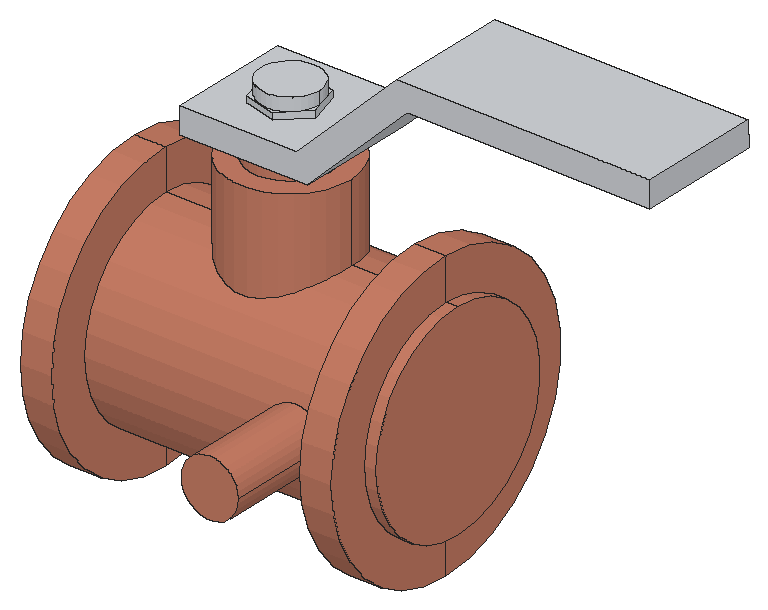
Revit family "Lab3_Test_Family", category Pipe Accessories, Revit 2015
Parameters (values of type "Ball Valve")
  Valve Material = none
  Type = ""
  TAP_LENGTH = 50 mm
  Specification = ""
  Product Line = ""
  Pressure Stage = 0
  Prefa text = ""
  L2 - Fa = L 2 - Fla  # 30.4 mm
  L 2 = 38 mm
  L 19 = 100 mm
  L 17 = if(TAP_LENGTH = 0 mm, D 1 * 0.75, TAP_LENGTH)  # 50 mm
  L 1 = 38 mm
  K Coefficient = 0.35
  Height Handle Tube = 1.75 * R1  # 43.75 mm
  Height Handle = H 2 - 3 mm  # 77 mm
  Hand rad = 15 mm
  H 2 = 80 mm
  Flange Diameter = R1 + 10 mm  # 35 mm
  Fla = 7.6 mm
  R1 = D 1 / 2  # 25 mm
  D 1 = 50 mm
  Assembly Code = ""
  Article Number = 0
  Adj Hei = H 2 / 2  # 40 mm
Reference planes
  plane 1 "Center (Front/Back)": y = 0
  plane 2: z = 0
  plane 3 "Center (Left/Right)": x = 0
  plane 4: x = 100
  plane 5: z = 80.644
  plane 6: y = -50
  plane 7: x = 15
  plane 8: x = -15
  plane 9: z = 43.75
  plane 10: x = -30.4
  plane 11: x = -38
  plane 12: x = 38
  plane 13: x = 30.4
  plane 14: z = -25
  plane 15: z = -35
  plane 16: x = 20.4
Forms (mm)
  Extrusion 1, solid, material "Valve"
    sketch origin (0, 0, 0) x (1, 0, 0) y (0, 1, 0)
      loop
        circle (0, 0) r 15
    from 0 to 43.75 <- "Height Handle Tube"
  Sweep 2, solid
    path origin (0, 0, -4.606) x (1, 0, 0) y (0, 0, 1)
      loop
        line (-15, 57.278) -> (15, 57.278) -> (39.328, 81.606) -> (100, 81.606)
    profile origin (0, 0, 52.672) x (0, 0, 1) y (0, -1, 0)
      loop
        line (3.144, -15) -> (3.144, 15) -> (-3.144, 15) -> (-3.144, -15) -> (3.144, -15)
  Extrusion 3, solid, material "Valve"
    sketch origin (0, 0, 0) x (1, 0, 0) y (0, 1, 0)
      loop
        circle (0, 0) r 10
    from 43.75 <- "Height Handle Tube" to 49.528
  Extrusion 4, solid, material "Valve"
    sketch origin (0, 0, 0) x (1, 0, 0) y (0, 0, 1)
      loop
        circle (20.4, 0) r 7
    from 0 to 50 <- "L 17"
  Extrusion 5, solid, material "Valve"
    sketch origin (38, -4572, 67.15) x (0, 0, 1) y (0, -1, 0)
      loop
        circle (-67.15, -4572) r 25
    from 0 to 3
  Extrusion 6, solid, material "Valve"
    sketch origin (-38, -4572, 67.15) x (0, 0, 1) y (0, -1, 0)
      loop
        circle (-67.15, -4572) r 25
    from 0 to -2
  Extrusion 7, solid
    sketch origin (0, 0, 0) x (1, 0, 0) y (0, 1, 0)
      loop
        line (-5.849, -5.849) -> (2.141, -7.99) -> (7.99, -2.141) -> (5.849, 5.849) -> (-2.141, 7.99) -> (-7.99, 2.141) -> (-5.849, -5.849)
    from 55.815 to 57.409
  Extrusion 8, solid
    sketch origin (0, 0, 0) x (1, 0, 0) y (0, 1, 0)
      loop
        circle (0, 0) r 7.164
    from 57.409 to 60.484
  Revolve 9, solid, material "Valve"
    sketch origin (0, 0, 0) x (1, 0, 0) y (0, 0, 1)
      loop
        line (-38, -35) -> (-30.4, -35) -> (-30.4, -25) -> (30.4, -25) -> (30.4, -35) -> (38, -35) -> (38, 0) -> (-38, 0) -> (-38, -35)
      axis (-38, 0) -> (38, 0)
    angle from 0 to 360
Cuts and joins
  joined: Extrusion 1, Extrusion 4
Dimensions and locks
  equal spacing: Sweep 2 sketch curve, plane 1 "Center (Front/Back)", Sweep 2 sketch curve
  equal spacing: Sweep 2 sketch curve, profile plane, Sweep 2 sketch curve
  "L 19": plane 4 to plane 3 "Center (Left/Right)"
  "Height Handle": Sweep 2 sketch curve to plane 2
  "L 17": plane 1 "Center (Front/Back)" to plane 6
  locked: Extrusion 7 to Sweep 2 at 1.594
  locked: Extrusion 8 to Extrusion 7 at 3.076
  Sweep 2 to plane 2 = 80.144 mm
  Sweep 2 to plane 3 "Center (Left/Right)" = 100 mm
  "Height Handle Tube": plane 9 to plane 2
  locked: Sweep 2 to plane 9 at 5.778
  equal spacing: Extrusion 7, Sweep 2 sketch curve, Extrusion 3
  locked: Extrusion 7 to Extrusion 3 at 6.287
  "Fla": plane 10 to plane 11
  "Fla": plane 12 to plane 13
  "L 1": plane 3 "Center (Left/Right)" to plane 11
  "L2 - Fa": plane 13 to plane 3 "Center (Left/Right)"
  "Flange Diameter": plane 2 to plane 15
  "R1": plane 2 to plane 14
  locked: plane 13 to plane 16 at 10
  "Hand rad": radius of Extrusion 1 sketch curve
  "R1": radius of Extrusion 5 sketch curve
  "R1": radius of Extrusion 6 sketch curve
  locked: Sweep 2 sketch curve to Sweep 2 sketch curve (angle 45.00°)
  aligned and locked: plane 4 to Sweep 2 sketch curve
  aligned and locked: Extrusion 3 to Sweep 2
  aligned and locked: Extrusion 4 to plane 6
  aligned and locked: Extrusion 4 to plane 1 "Center (Front/Back)"
  aligned and locked: Extrusion 7 to Sweep 2
  aligned and locked: Extrusion 8 to Extrusion 7
  aligned and locked: plane 8 to Sweep 2 sketch curve
  aligned and locked: plane 7 to Sweep 2 sketch curve
  aligned and locked: Revolve 9 sketch curve to Extrusion 6
  aligned and locked: plane 15 to Revolve 9 sketch curve
  aligned and locked: Revolve 9 sketch curve to plane 10
Automatic sketch dimensions
  plane 1 "Center (Front/Back)" to Extrusion 1 sketch curve = 0 mm
  Extrusion 1 sketch curve to plane 3 "Center (Left/Right)" = 0 mm
  profile plane to Sweep 2 sketch curve = 3.144 mm
  Sweep 2 sketch curve to plane 1 "Center (Front/Back)" = 15 mm
  plane 1 "Center (Front/Back)" to Extrusion 3 sketch curve = 0 mm
  Extrusion 3 sketch curve to plane 3 "Center (Left/Right)" = 0 mm
  plane 1 "Center (Front/Back)" to Extrusion 8 sketch curve = 0 mm
  Extrusion 8 sketch curve to plane 3 "Center (Left/Right)" = 0 mm
  Extrusion 6 sketch curve to level = 0 mm
  Extrusion 6 sketch curve to plane 1 "Center (Front/Back)" = 0 mm
  Extrusion 5 sketch curve to level = 0 mm
  Extrusion 5 sketch curve to plane 1 "Center (Front/Back)" = 0 mm
  Revolve 9 sketch curve to level = 0 mm
  Revolve 9 sketch curve to plane 13 = 0 mm
  Revolve 9 sketch curve to plane 12 = 0 mm
  Revolve 9 sketch curve to plane 15 = 0 mm
  Revolve 9 sketch curve to plane 14 = 0 mm
  Extrusion 4 sketch curve to level = 0 mm
  Extrusion 4 sketch curve to plane 16 = 0 mm
  radius of Extrusion 3 sketch curve = 10 mm
  radius of Extrusion 8 sketch curve = 7.164 mm
  radius of Extrusion 4 sketch curve = 7 mm
Connectors
  piping at (41, 0, 0), diameter 50, driven by "R1"
    settings: on Extrusion 5, index 1, connector inside diameter 50 mm, connector length 0 mm, flow factor 0, pipe flow 0.0 L/s, pressure drop 0.0 Pa, fitting loss kfactor 0, connector angle 0.00°, fixture units 0, engagement length 0 mm, angle of deflection 0.00°, flow configuration 0, flow direction 0, fitting loss method 0, system type 28, joint type 0, gender type 0, connector reference index 2, connector utility 0, adjustable connector no, is connector primary yes, connector description ""
  piping at (-40, 0, 0), diameter 50, driven by "R1"
    settings: on Extrusion 6, index 2, connector inside diameter 50 mm, connector length 0 mm, flow factor 0, pipe flow 0.0 L/s, pressure drop 0.0 Pa, fitting loss kfactor 0, connector angle 0.00°, fixture units 0, engagement length 0 mm, angle of deflection 0.00°, flow configuration 0, flow direction 0, fitting loss method 0, system type 28, joint type 0, gender type 0, connector reference index 1, connector utility 0, adjustable connector no, is connector primary no, connector description ""
